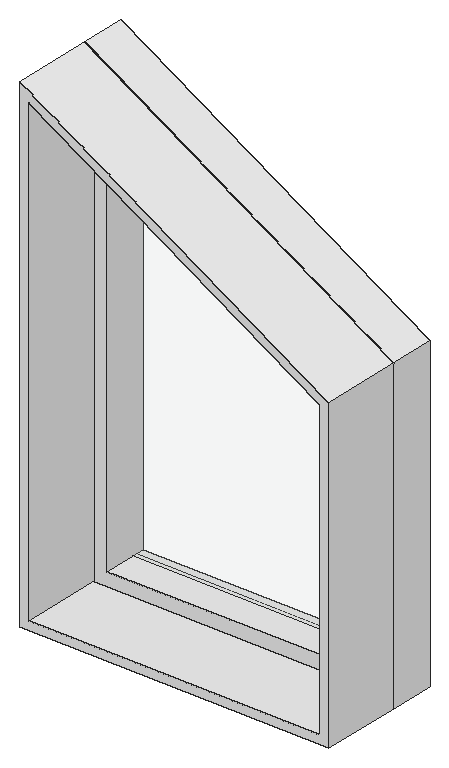
Revit family "1x1 Angled", category Windows, host Wall, Revit 2015
Parameters (values of type "7x11M")
  WindowBasalOpening = ""
  Wall Thickness [instance] = 300 mm
  URL = ""
  Total Glass Area = (Rough Height - Frame Width * 2) * (Rough Width - Frame Width * 2)  # 0.5841 m²
  Offset [instance] = 20 mm
  Module Width = Rough Width / 100 mm  # 7
  Module Height = Rough Height / 100 mm  # 11
  Material Jamb = none
  Jamb Width = 20 mm
  Jamb [instance] = yes
  Height Top = tan(Angle) * (Rough Width)  # 398.372 mm
  Gap [instance] = 10 mm
  Rough Width = 690 mm
  Rough Height = 1090 mm
  Model = ""
  Material Glass = none
  Material Frame = none
  Frame Width = 50 mm
  Height [instance] = Rough Height + Gap * 2  # 1110 mm
  Frame Depth = 100 mm
  Default Sill Height = 900 mm
  Wall Closure = By host
  Width [instance] = Rough Width + Gap * 2  # 710 mm
  Assembly Code = ""
  Angle = 30.00°
  Analytic Construction = "<None>"
Reference planes
  plane 1 "Center (Front/Back)": y = -20
  plane 2 "Center (Left/Right)": x = -42.398
  plane 3 "Left": x = -397.398
  plane 4 "Right": x = 312.602
  plane 5 "Sill": z = 900
  plane 6 "Head": z = 2010
  plane 7 "Exterior": y = 130
  plane 8 "Interior": y = -170
  plane 9: x = -387.398
  plane 10: x = 302.602
  plane 11: z = 910
  plane 12: z = 2000
  plane 13 "Offset": y = 110
  plane 14 "Offset Jamb": y = 10
  plane 15: x = 252.602
  plane 16: x = -337.398
  plane 17: z = 1950
  plane 18: z = 960
  plane 19: x = -397.398
  plane 20: x = 312.602
  plane 21: z = 900
  plane 22: z = 2010
  plane 23: z = 1601.628
Forms (mm)
  Extrusion 1, solid, material <- "Material Frame"
    sketch origin (0, 110, 0) x (-1, 0, 0) y (0, 0, 1)
      loop
        line (-302.602, 910) -> (387.398, 910) -> (387.398, 2000) -> (-302.602, 1601.628) -> (-302.602, 910)
      loop
        line (-252.602, 960) -> (337.398, 960) -> (337.398, 1913.397) -> (-252.602, 1572.761) -> (-252.602, 960)
    from 0 to -100
  Extrusion 2, solid, material <- "Material Jamb", visible <- "Jamb", detail levels medium+fine
    sketch origin (0, 10, 0) x (-1, 0, 0) y (0, 0, 1)
      loop
        line (-302.602, 1601.628) -> (-302.602, 910) -> (387.398, 910) -> (387.398, 2000) -> (-302.602, 1601.628)
      loop
        line (367.398, 930) -> (367.398, 1965.359) -> (-282.602, 1590.081) -> (-282.602, 930) -> (367.398, 930)
    from 0 to -180
  Extrusion 3, solid, material <- "Material Glass"
    sketch origin (0, 110, 0) x (-1, 0, 0) y (0, 0, 1)
      loop
        line (-252.602, 960) -> (337.398, 960) -> (337.398, 1913.397) -> (-252.602, 1572.761) -> (-252.602, 960)
    from -20 to -30
Lines and regions (mm)
  Opening 1
    outline origin (3500, -170, 0) x (1, 0, 0) y (0, 0, 1)
      loop
        line (-3187.398, 900) -> (-3187.398, 1607.402) -> (-3897.398, 2017.321) -> (-3897.398, 900) -> (-3187.398, 900)
  symbolic lines, style "WindowsGlassProjection", detail levels fine
    curve 1: line (-42.398, 80, 1913.397) -> (-42.398, 80, 960)
    curve 2: line (-42.398, 90, 960) -> (-42.398, 90, 1913.397)
    curve 4: line (252.602, 90, 0) -> (-337.398, 90, 0)
    curve 5: line (-337.398, 80, 0) -> (252.602, 80, 0)
  symbolic lines, style "WindowsGlassProjection", detail levels coarse+medium
    curve 3: line (-42.398, 85, 1913.397) -> (-42.398, 85, 960)
    curve 6: line (-337.398, 85, 0) -> (252.602, 85, 0)
Text (mm)
  text "EXTERIOR" at (-1981.535, 863.181, 0), in view "Ref. Level"
  text "INTERIOR" at (-2017.992, -707.606, 0), in view "Ref. Level"
  text "Exterior" at (0, 923.751, 2943.296), in view "Right"
  text "Exterior" at (0, 1019.841, 2788.626), in view "Left"
Dimensions and locks
  equal spacing: plane 3 "Left", plane 2 "Center (Left/Right)", plane 4 "Right"
  "Rough Width": plane 9 to plane 10
  "Rough Height": plane 11 to plane 12
  "Default Sill Height": plane 21 to level
  locked: plane 7 "Exterior" to host wall
  locked: plane 8 "Interior" to host wall
  "Gap": plane 12 to plane 6 "Head"
  "Gap": plane 5 "Sill" to plane 11
  "Gap": plane 10 to plane 4 "Right"
  "Gap": plane 9 to plane 3 "Left"
  "Offset": plane 13 "Offset" to plane 7 "Exterior"
  "Frame Depth": plane 13 "Offset" to plane 14 "Offset Jamb"
  equal spacing: plane 8 "Interior", plane 1 "Center (Front/Back)", plane 7 "Exterior"
  "Frame Width": plane 17 to plane 12
  "Frame Width": plane 16 to plane 9
  "Frame Width": plane 11 to plane 18
  "Frame Width": plane 10 to plane 15
  "Jamb Width": Extrusion 2 sketch curve to Extrusion 2 sketch curve  (x3)
  "Wall Thickness": host wall to host wall
  "Height Top": plane 23 to plane 12
  "Frame Width": Extrusion 1 sketch curve to Extrusion 1 sketch curve
  "Jamb Width": Extrusion 1 to Extrusion 2 sketch curve
  "Gap": Opening 1 sketch curve to Extrusion 1
  equal spacing: Extrusion 3, curve 3, Extrusion 3
  aligned and locked: plane 10 to Extrusion 1
  aligned and locked: Extrusion 1 to plane 9
  aligned and locked: Extrusion 1 to plane 11
  aligned and locked: Extrusion 1 to plane 14 "Offset Jamb"
  aligned and locked: plane 8 "Interior" to Extrusion 2
  aligned and locked: Extrusion 1 sketch curve to plane 15
  aligned and locked: Extrusion 2 sketch curve to plane 9
  aligned and locked: Extrusion 2 sketch curve to plane 10
  aligned and locked: Extrusion 2 sketch curve to plane 11
  aligned and locked: plane 19 to plane 3 "Left"
  aligned and locked: plane 20 to plane 4 "Right"
  aligned and locked: plane 21 to plane 5 "Sill"
  aligned and locked: plane 22 to plane 6 "Head"
  aligned and locked: Extrusion 1 sketch curve to plane 18
  aligned and locked: Extrusion 1 sketch curve to plane 16
  aligned and locked: Extrusion 2 sketch curve to Extrusion 1
  aligned and locked: Extrusion 3 sketch curve to plane 15
  aligned and locked: plane 16 to Extrusion 3 sketch curve
  aligned and locked: Extrusion 3 sketch curve to Extrusion 1
  aligned and locked: plane 18 to Extrusion 3 sketch curve
  aligned and locked: curve 1 to Extrusion 3
  aligned and locked: curve 2 to Extrusion 3
  aligned and locked: curve 4 to Extrusion 3
  aligned and locked: curve 5 to Extrusion 3
Automatic sketch dimensions
  Opening 1 sketch curve to plane 3 "Left" = 0 mm
  Opening 1 sketch curve to plane 5 "Sill" = 0 mm
  Extrusion 1 sketch curve to plane 10 = 0 mm
  Extrusion 1 sketch curve to plane 9 = 0 mm
  Extrusion 1 sketch curve to plane 11 = 0 mm
  Extrusion 1 sketch curve to plane 12 = 0 mm
  Extrusion 1 sketch curve to plane 23 = 0 mm
  plane 4 "Right" to Opening 1 sketch curve = 0 mm
  plane 18 to curve 3 = 0 mm
  plane 18 to curve 1 = 0 mm
  plane 18 to curve 2 = 0 mm
  curve 3 to plane 17 = 36.603 mm
  curve 3 to curve 2 = 0 mm
  curve 1 to curve 3 = 0 mm
  curve 4 to plane 16 = 0 mm
  curve 5 to plane 16 = 0 mm
  curve 6 to plane 16 = 0 mm
  curve 5 to plane 15 = 0 mm
  curve 6 to plane 15 = 0 mm
  curve 4 to plane 15 = 0 mm
  curve 6 to curve 4 = 5 mm
